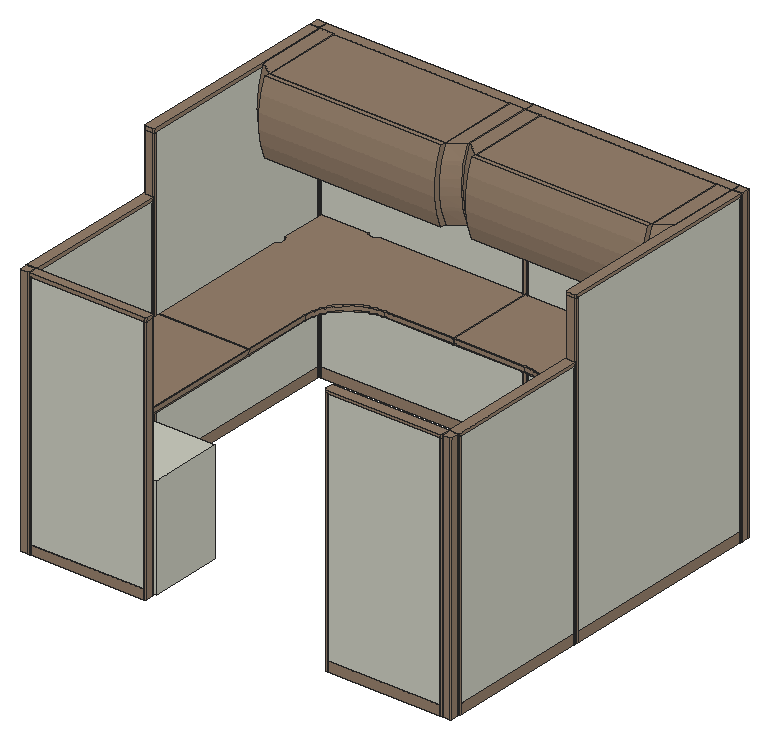
Revit family
Parameters (values of type "Cubicle")
  Worksurface Material = Wood Cherry
  Subcategory = "Office Furniture"
  SmartBIM Object Version = 3  # constant formula
  SmartBIM Object Created By = "SMARTBIM, LLC"  # "Reed Construction Data"
  Shelf Material = Wood Cherry
  Shelf Height = 4' - 0 15/16"
  Panel Material = Shelve Fabric
  Manufacturer = "SMARTBIM"
  Frame Material = Wood Cherry
  Default Elevation = 0' - 0"  # constant formula
  Assembly Code = "E2010200"
  95 CSI = "12730"
  04 CSI = "12 59 19 "
Reference planes (in)
  plane 1: z = 0
  plane 2: x = 44.15625
  plane 3: x = -44.15625
  plane 4: y = -74.15625
  plane 5 "High Panel Height": z = 63.9375
  plane 6: z = 51.625
  plane 7: y = 2
  plane 8: x = -44.15625
Forms (in)
  Extrusion 1, solid, material "Wood Cherry" <- "Frame Material"
    sketch origin (0, 0, 63.9375) x (-1, 0, 0) y (0, -1, 0)
      loop
        arc (43.90625, -2) -> (44.08303, -1.92678) -> (44.15625, -1.75) r 0.25
        line (44.15625, -1.75) -> (44.15625, -0.40625)
        arc (44.15625, -0.40625) -> (44.08303, -0.22947) -> (43.90625, -0.15625) r 0.25
        line (43.90625, -0.15625) -> (42.5625, -0.15625)
        arc (42.5625, -0.15625) -> (42.38572, -0.22947) -> (42.3125, -0.40625) r 0.25
        line (42.3125, -0.40625) -> (42.3125, -1.75)
        arc (42.3125, -1.75) -> (42.38572, -1.92678) -> (42.5625, -2) r 0.25
        line (42.5625, -2) -> (43.90625, -2)
    from -63.9375 to 0
  Extrusion 2, solid, material "Wood Cherry" <- "Frame Material"
    sketch origin (0, 0, 63.9375) x (1, 0, 0) y (0, 1, 0)
      loop
        line (43.90625, 2) -> (42.5625, 2)
        arc (42.5625, 2) -> (42.38572, 1.92678) -> (42.3125, 1.75) r 0.25
        line (42.3125, 1.75) -> (42.3125, 0.40625)
        arc (42.3125, 0.40625) -> (42.38572, 0.22947) -> (42.5625, 0.15625) r 0.25
        line (42.5625, 0.15625) -> (43.90625, 0.15625)
        arc (43.90625, 0.15625) -> (44.08303, 0.22947) -> (44.15625, 0.40625) r 0.25
        line (44.15625, 0.40625) -> (44.15625, 1.75)
        arc (44.15625, 1.75) -> (44.08303, 1.92678) -> (43.90625, 2) r 0.25
    from -63.9375 to 0
  Extrusion 3, solid, material "Wood Cherry" <- "Frame Material"
    sketch origin (0, -83.21875, 63.9375) x (-1, 0, 0) y (0, -1, 0)
      loop
        line (43.90625, -9.0625) -> (42.5625, -9.0625)
        arc (42.5625, -9.0625) -> (42.38572, -9.13572) -> (42.3125, -9.3125) r 0.25
        line (42.3125, -9.3125) -> (42.3125, -10.65625)
        arc (42.3125, -10.65625) -> (42.38572, -10.83303) -> (42.5625, -10.90625) r 0.25
        line (42.5625, -10.90625) -> (43.90625, -10.90625)
        arc (43.90625, -10.90625) -> (44.08303, -10.83303) -> (44.15625, -10.65625) r 0.25
        line (44.15625, -10.65625) -> (44.15625, -9.3125)
        arc (44.15625, -9.3125) -> (44.08303, -9.13572) -> (43.90625, -9.0625) r 0.25
    from -63.9375 to -12.3125
  Extrusion 4, solid, material "Wood Cherry" <- "Frame Material"
    sketch origin (0, -83.21875, 63.9375) x (1, 0, 0) y (0, 1, 0)
      loop
        arc (43.90625, 9.0625) -> (44.08303, 9.13572) -> (44.15625, 9.3125) r 0.25
        line (44.15625, 9.3125) -> (44.15625, 10.65625)
        arc (44.15625, 10.65625) -> (44.08303, 10.83303) -> (43.90625, 10.90625) r 0.25
        line (43.90625, 10.90625) -> (42.5625, 10.90625)
        arc (42.5625, 10.90625) -> (42.38572, 10.83303) -> (42.3125, 10.65625) r 0.25
        line (42.3125, 10.65625) -> (42.3125, 9.3125)
        arc (42.3125, 9.3125) -> (42.38572, 9.13572) -> (42.5625, 9.0625) r 0.25
        line (42.5625, 9.0625) -> (43.90625, 9.0625)
    from -63.9375 to -12.3125
Dimensions and locks (in)
  aligned and locked: nested 1 to nested 4
  aligned and locked: nested 3 to nested 2  (x2)
  aligned and locked: nested 4 to nested 1  (x2)
  aligned and locked: plane 3 to nested 9
  aligned and locked: nested 9 to nested 7
  aligned and locked: plane 2 to nested 10
  aligned and locked: nested 10 to nested 8
  aligned and locked: nested 9 to nested 5
  aligned and locked: nested 5 to nested 9
  aligned and locked: plane 2 to nested 11
  aligned and locked: nested 11 to nested 10
  aligned and locked: nested 12 to nested 11
  aligned and locked: nested 12 to plane 4
  aligned and locked: plane 4 to nested 6
  aligned and locked: nested 6 to nested 5
  aligned and locked: plane 5 "High Panel Height" to nested 8
  aligned and locked: Extrusion 1 sketch curve to nested 9
  aligned and locked: nested 7 to Extrusion 1 sketch curve
  aligned and locked: plane 3 to Extrusion 1 sketch curve
  aligned and locked: Extrusion 1 sketch curve to nested 7
  aligned and locked: Extrusion 1 to level
  aligned and locked: plane 5 "High Panel Height" to Extrusion 1
  aligned and locked: nested 5 to Extrusion 3
  aligned and locked: Extrusion 3 to plane 4
  aligned and locked: Extrusion 4 to nested 11
  aligned and locked: Extrusion 4 to plane 4
  aligned and locked: plane 6 to nested 12
  aligned and locked: plane 6 to Extrusion 4
  aligned and locked: plane 6 to Extrusion 3
  aligned and locked: nested 7 to nested 14
  aligned and locked: nested 9 to nested 14
  aligned and locked: nested 15 to nested 8
  aligned and locked: nested 15 to nested 10
  aligned: plane 8 to nested 9
Nested families (in)
  nested 1: "Worksurface-Corner-Curved_Front" at (23.23438, -18.375, 0) x (-1, 0, 0) z (0, 0, 1), type "42"W x 18"D"
  nested 2: "Worksurface-Corner-Curved_Front" at (-23.23437, -18.375, 0) x (0, -1, 0) z (0, 0, 1), type "42"W x 18"D"
  nested 3: "Worksurface-Straight" at (-41.60937, -56.67188, 0) x (0, 1, 0) z (0, 0, 1), type "30"W x 18"D"
  nested 4: "Worksurface-Straight" at (41.60938, -56.67187, 0) x (0, -1, 0) z (0, 0, 1), type "30"W x 18"D"
  nested 5: "Cubicle-Panel_Avenir" at (-46.15625, -52.44531, 0) x (0, 1, 0) z (0, 0, 1), type "Low Topcap - 30"W x 53"H"
    with Width 2' - 6"
  nested 6: "Cubicle-Panel_Avenir" at (-28.44531, -70.15625, 0), type "Low Topcap - 24"W x 53"H"
    with Width 2' - 0"
  nested 7: "Cubicle-Panel_Avenir" at (-10.13281, 4, 0), type "Low Topcap - 42"W x 65"H"
  nested 8: "Cubicle-Panel_Avenir" at (10.13281, 4, 0) x (-1, 0, 0) z (0, 0, 1), type "Low Topcap - 42"W x 65"H"
  nested 9: "Cubicle-Panel_Avenir" at (-46.15625, -9.97656, 0) x (0, 1, 0) z (0, 0, 1), type "Low Topcap - 42"W x 65"H"
    with Width 3' - 6 15/32"
  nested 10: "Cubicle-Panel_Avenir" at (46.15625, -9.97656, 0) x (0, 1, 0) z (0, 0, 1), type "Low Topcap - 42"W x 65"H"
    with Width 3' - 6 15/32"
  nested 11: "Cubicle-Panel_Avenir" at (46.15625, -52.44531, 0) x (0, 1, 0) z (0, 0, 1), type "Low Topcap - 30"W x 53"H"
    with Width 2' - 6"
  nested 12: "Cubicle-Panel_Avenir" at (28.44531, -70.15625, 0) x (-1, 0, 0) z (0, 0, 1), type "Low Topcap - 24"W x 53"H"
    with Width 2' - 0"
  nested 13: "Pedastal_Mobile" at (-29.35937, -64.73438, 0) x (0, 1, 0) z (0, 0, 1), type "Pedastal_Mobile"
  nested 14: "Bin-Storage_Curved-Front" at (-22.65625, -7.25, 48.9375), built-in parameter 1001364 <- "Shelf Height", type "42"W"
  nested 15: "Bin-Storage_Curved-Front" at (19.65625, -7.25, 48.9375), built-in parameter 1001364 <- "Shelf Height", type "42"W"
Definition of nested family "Worksurface-Corner-Curved_Front"
  Parameters (values of type "42"W x 18"D")
    Worksurface Material = Wood Cherry
    Worksurface Edge Material = Wood Cherry
    Width = 3' - 5 39/64"
    Model = "MUCC1122"
    Height = 2' - 6"
    Depth = 1' - 6 3/8"
    Assembly Code = ""
  Reference planes (in)
    plane 1 "Center F/B": y = 0
    plane 2: z = 0
    plane 3 "Center L/R": x = 0
    plane 4: y = -18.375
    plane 5: x = -18.375
    plane 6: y = 23.23438
    plane 7: x = 23.23438
    plane 8: z = 30
    plane 9: z = 28.8125
    plane 10: y = -9.375
    plane 11: y = -6.375
    plane 12: x = -17.375
    plane 13: y = -17.375
    plane 14: x = -9.375
    plane 15: x = -6.375
    plane 16: y = -0.125
    plane 17: x = -0.125
    plane 18: y = -7.625
    plane 19: x = -7.625
  Forms (in)
    Extrusion 1, solid, material "Wood Cherry" <- "Worksurface Edge Material"
      sketch origin (-34.79996, -180, 30) x (-1, 0, 0) y (0, -1, 0)
        loop
          line (-34.67496, -203.23438) -> (-16.42496, -203.23438) -> (-16.42496, -173.625)
          arc (-16.42496, -173.625) -> (-17.1975, -172.375) -> (-16.42496, -171.125) r 1.39754
          line (-16.42496, -171.125) -> (-16.42496, -161.625) -> (-25.92496, -161.625)
          arc (-25.92496, -161.625) -> (-27.17496, -162.39754) -> (-28.42496, -161.625) r 1.39754
          line (-28.42496, -161.625) -> (-58.03434, -161.625) -> (-58.03434, -179.875) -> (-43.67496, -179.875)
          arc (-43.67496, -179.875) -> (-37.311, -182.51104) -> (-34.67496, -188.875) r 9
          line (-34.67496, -188.875) -> (-34.67496, -203.23438)
      from 0 to -1.1875
    Sweep 2, solid, material "Wood Cherry" <- "Worksurface Edge Material"
      path origin (-34.79996, -180, 30) x (-1, 0, 0) y (0, -1, 0)
        loop
          line (-58.03434, -179.875) -> (-43.67496, -179.875)
          arc (-43.67496, -179.875) -> (-37.311, -182.51104) -> (-34.67496, -188.875) r 9
          line (-34.67496, -188.875) -> (-34.67496, -203.23438)
      profile origin (-0.125, 16.05469, 30) x (-1, 0, 0) y (0, 0, 1)
        loop
          arc (0, 0) -> (-0.08839, -0.03661) -> (-0.125, -0.125) r 0.125
          line (-0.125, -0.125) -> (-0.125, -1.0625)
          arc (-0.125, -1.0625) -> (-0.08839, -1.15089) -> (0, -1.1875) r 0.125
          line (0, -1.1875) -> (0, 0)
  Dimensions and locks (in)
    "Depth": plane 4 to plane 1 "Center F/B"
    "Depth": plane 5 to plane 3 "Center L/R"
    "Width": plane 5 to plane 7
    "Width": plane 6 to plane 4
    "Height": plane 8 to level
    locked: plane 8 to plane 9 at 1.1875
    locked: plane 5 to plane 12 at 1
    locked: plane 13 to plane 4 at 1
    locked: plane 10 to plane 11 at 3
    locked: plane 14 to plane 15 at 3
    locked: plane 5 to plane 14 at 9
    locked: plane 4 to plane 10 at 9
    aligned and locked: plane 6 to Extrusion 1 sketch curve
    aligned and locked: Extrusion 1 sketch curve to plane 5
    aligned and locked: Extrusion 1 sketch curve to plane 4
    aligned and locked: Extrusion 1 sketch curve to plane 7
    aligned and locked: Extrusion 1 sketch curve to plane 17
    aligned and locked: Extrusion 1 to plane 9
    aligned and locked: plane 8 to Extrusion 1
    aligned and locked: Sweep 2 sketch curve to Extrusion 1  (x3)
    aligned and locked: Sweep 2 sketch curve to plane 3 "Center L/R"
  Automatic sketch dimensions
    Extrusion 1 sketch curve to plane 16 = 0' - 0"
    Extrusion 1 sketch curve to plane 15 = 0' - 0"
    Extrusion 1 sketch curve to plane 19 = 0' - 0"
    Extrusion 1 sketch curve to plane 18 = 0' - 0"
    Extrusion 1 sketch curve to plane 11 = 0' - 0"
    plane 3 "Center L/R" to Extrusion 1 sketch curve = 0' - 8 7/8"
    Extrusion 1 sketch curve to plane 5 = 0' - 0 5/8"
    Extrusion 1 sketch curve to plane 4 = 0' - 0 5/8"
    Extrusion 1 sketch curve to plane 5 = 0' - 0"
    Extrusion 1 sketch curve to plane 4 = 0' - 0"
    Sweep 2 sketch curve to plane 6 = 0' - 0"
    Sweep 2 sketch curve to plane 7 = 0' - 0"
    Sweep 2 sketch curve to Sweep 2 sketch curve = 0' - 0 15/16"
Definition of nested family "Worksurface-Straight"
  Parameters (values of type "30"W x 18"D")
    Worksurface Material = none
    Worksurface Edge Material = none
    Width = 2' - 6 1/8"
    Model = "MUS1830"
    Height = 2' - 6"
    Depth = 1' - 6 3/8"
    Assembly Code = ""
  Reference planes (in)
    plane 1 "Center F/B": y = 0
    plane 2: z = 0
    plane 3 "Center L/R": x = 0
    plane 4: x = -15.0625
    plane 5: y = -18.25
    plane 6: x = 15.0625
    plane 7: z = 28.8125
    plane 8: z = 30
    plane 9: x = -1.5
    plane 10: x = 1.5
    plane 11: y = -1
    plane 12: y = -18.375
  Forms (in)
    Extrusion 1, solid, material <- "Worksurface Material"
      sketch origin (-28.17969, -180, 30) x (-1, 0, 0) y (0, -1, 0)
        loop
          line (-13.11719, -180) -> (-13.11719, -161.75) -> (-43.24219, -161.75) -> (-43.24219, -180) -> (-29.67969, -180)
          arc (-29.67969, -180) -> (-28.17969, -179) -> (-26.67969, -180) r 1.625
          line (-26.67969, -180) -> (-13.11719, -180)
      from 0 to -1.1875
    Sweep 2, solid, material <- "Worksurface Edge Material"
      path origin (-28.17969, -180, 30) x (-1, 0, 0) y (0, -1, 0)
        loop
          line (-13.11719, -161.75) -> (-43.24219, -161.75)
      profile origin (0, -18.25, 30) x (0, 1, 0) y (0, 0, 1)
        loop
          arc (0, 0) -> (-0.08839, -0.03661) -> (-0.125, -0.125) r 0.125
          line (-0.125, -0.125) -> (-0.125, -1.0625)
          arc (-0.125, -1.0625) -> (-0.08839, -1.15089) -> (0, -1.1875) r 0.125
          line (0, -1.1875) -> (0, 0)
  Dimensions and locks (in)
    equal spacing: plane 4, plane 3 "Center L/R", plane 6
    "Width": plane 4 to plane 6
    "Height": plane 8 to level
    locked: plane 8 to plane 7 at 1.1875
    plane 9 to plane 3 "Center L/R" to plane 10 = 0' - 1 1/2" locked, 0' - 1 1/2" locked
    locked: plane 11 to plane 1 "Center F/B" at 1
    "Depth": plane 12 to plane 1 "Center F/B"
    locked: plane 5 to plane 12 at 0.125
    aligned and locked: plane 4 to Extrusion 1 sketch curve
    aligned and locked: plane 1 "Center F/B" to Extrusion 1 sketch curve
    aligned and locked: plane 5 to Extrusion 1 sketch curve
    aligned and locked: plane 6 to Extrusion 1 sketch curve
    aligned and locked: Extrusion 1 to plane 7
    aligned and locked: plane 8 to Extrusion 1
    aligned and locked: Sweep 2 sketch curve to Extrusion 1  (x2)
    aligned and locked: Extrusion 1 to Sweep 2 sketch curve
    aligned and locked: Sweep 2 sketch curve to plane 12
  Automatic sketch dimensions
    Extrusion 1 sketch curve to plane 10 = 0' - 0"
    Extrusion 1 sketch curve to plane 1 "Center F/B" = 0' - 0 5/8"
    Extrusion 1 sketch curve to plane 9 = 0' - 0"
    Extrusion 1 sketch curve to plane 1 "Center F/B" = 0' - 0"
    Sweep 2 sketch curve to plane 6 = 0' - 0"
    Sweep 2 sketch curve to plane 4 = 0' - 0"
    Sweep 2 sketch curve to Sweep 2 sketch curve = 0' - 0 15/16"
Definition of nested family "Cubicle-Panel_Avenir"
  Parameters (values of type "Low Topcap - 42"W x 65"H")
    Width [instance] = 3' - 6 5/16"
    Topcap Height = 0' - 0 5/8"
    Topcap = Topcap : Low
    Panel Material = Shelve Fabric
    Model = "MPTAL6542"
    Height = 5' - 3 15/16"
    Frame Material = Wood Cherry
    Depth = 0' - 2"
    Assembly Code = ""
  Types (3): name | Width | Model | Height
    Low Topcap - 24"W x 53"H | 2' - 0 5/16" | "MPTAL5324" | 4' - 3 5/8"
    Low Topcap - 30"W x 53"H | 2' - 6 5/16" | "MPTAL5330" | 4' - 3 5/8"
    Low Topcap - 42"W x 65"H | 3' - 6 5/16" | "MPTAL6542" | 5' - 3 15/16"
  Reference planes (in)
    plane 1 "Center F/B": y = -3
    plane 2: z = 0
    plane 3 "Center L/R": x = -11.02344
    plane 4: y = -2
    plane 5 "Front Edge": y = -4
    plane 6 "Left": x = -32.17969
    plane 7 "Right": x = 10.13281
    plane 8: z = 63.9375
    plane 9: z = 63.3125
    plane 10 "Top Alignment Plane": y = -2.15625
    plane 11 "Bottom Alignment Plane": y = -3.84375
  Forms (in)
    Extrusion 1, solid, material "Wood Cherry" <- "Frame Material"
      sketch origin (0, 0, 50.625) x (-1, 0, 0) y (0, -1, 0)
        loop
          arc (31.92969, 2) -> (32.10646, 2.07322) -> (32.17969, 2.25) r 0.25
          line (32.17969, 2.25) -> (32.17969, 3.75)
          arc (32.17969, 3.75) -> (32.10646, 3.92678) -> (31.92969, 4) r 0.25
          line (31.92969, 4) -> (31.67969, 4) -> (31.67969, 2) -> (31.92969, 2)
      from -50.625 to 12.6875 <- "Height"
    Extrusion 2, solid, material "Wood Cherry" <- "Frame Material"
      sketch origin (2, 0, 50.625) x (1, 0, 0) y (0, 1, 0)
        loop
          line (7.88281, -2) -> (7.63281, -2) -> (7.63281, -4) -> (7.88281, -4)
          arc (7.88281, -4) -> (8.05959, -3.92678) -> (8.13281, -3.75) r 0.25
          line (8.13281, -3.75) -> (8.13281, -2.25)
          arc (8.13281, -2.25) -> (8.05959, -2.07322) -> (7.88281, -2) r 0.25
      from -50.625 to 12.6875 <- "Height"
    Extrusion 3, solid, material "Wood Cherry" <- "Frame Material"
      sketch origin (0, -3, 0) x (1, 0, 0) y (0, 0, 1)
        loop
          line (-31.67969, 2) -> (-31.67969, 0) -> (9.63281, 0) -> (9.63281, 2) -> (-31.67969, 2)
      from -1 to 1
    Extrusion 4, solid, material "Shelve Fabric" <- "Panel Material"
      sketch origin (0, -4, 0) x (-1, 0, 0) y (0, 0, 1)
        loop
          line (31.67969, 2) -> (31.67969, 63.3125) -> (-9.63281, 63.3125) -> (-9.63281, 2) -> (31.67969, 2)
      from 0 to 2
  Dimensions and locks (in)
    equal spacing: plane 6 "Left", plane 3 "Center L/R", plane 7 "Right"
    "Width": plane 6 "Left" to plane 7 "Right"
    equal spacing: plane 4, plane 1 "Center F/B", plane 5 "Front Edge"
    "Depth": plane 4 to plane 5 "Front Edge"
    "Height": plane 8 to level
    "Topcap Height": plane 8 to plane 9
    aligned and locked: plane 5 "Front Edge" to Extrusion 1 sketch curve
    aligned and locked: Extrusion 1 sketch curve to plane 4
    aligned and locked: plane 6 "Left" to Extrusion 1 sketch curve
    aligned and locked: plane 4 to Extrusion 2
    aligned and locked: Extrusion 2 to plane 7 "Right"
    aligned and locked: Extrusion 2 to plane 5 "Front Edge"
    aligned and locked: Extrusion 1 to level
    aligned and locked: Extrusion 2 to level
    aligned and locked: Extrusion 2 to Extrusion 3 sketch curve
    aligned and locked: Extrusion 1 to Extrusion 3 sketch curve
    aligned and locked: level to Extrusion 3 sketch curve
    aligned and locked: plane 4 to Extrusion 3
    aligned and locked: Extrusion 3 to plane 5 "Front Edge"
    aligned and locked: Extrusion 1 to Extrusion 4 sketch curve
    aligned and locked: Extrusion 2 to Extrusion 4 sketch curve
    aligned and locked: Extrusion 4 sketch curve to Extrusion 3
    aligned and locked: nested 1 to plane 8
    aligned and locked: plane 9 to Extrusion 1
    aligned and locked: plane 9 to Extrusion 2
    aligned and locked: plane 9 to Extrusion 4
    aligned and locked: nested 1 to plane 3 "Center L/R"
  Automatic sketch dimensions
    Extrusion 3 sketch curve to Extrusion 3 sketch curve = 0' - 2"
    plane 8 to Extrusion 4 sketch curve = 0' - 0 5/8"
    plane 6 "Left" to Extrusion 1 sketch curve = 0' - 0 1/4"  (x2)
    Extrusion 1 sketch curve to Extrusion 1 sketch curve = 0' - 0 1/4"
    Extrusion 2 sketch curve to plane 4 = 0' - 0"
    Extrusion 2 sketch curve to plane 5 "Front Edge" = 0' - 0"
    Extrusion 2 sketch curve to plane 7 "Right" = 0' - 0"
    Extrusion 2 sketch curve to plane 7 "Right" = 0' - 0 1/4"  (x2)
    Extrusion 2 sketch curve to Extrusion 2 sketch curve = 0' - 0 1/4"
  Nested families (in)
    nested 1: "Topcap" at (-31.67969, -3, 63.3125) x (-1, 0, 0) z (0, 0, 1), Width <- "Width", type <- "Topcap", type "Low"
      with Width 3' - 6 5/16"
  Definition of nested family "Topcap"
    Parameters (values of type "Medium")
      Width [instance] = 4' - 1"
      Topcap Material = none
      Side Void Height = 0' - 1 1/8"
      Height = 0' - 1 3/8"
      Front/Back Void Height = 0' - 0 3/4"
      Depth = 0' - 2"
      Assembly Code = ""
    Types (3): name | Topcap Material | Height
      Low | Wood Cherry | 0' - 0 5/8"
      High | none | 0' - 2 3/8"
      Medium | none | 0' - 1 3/8"
    Reference planes (in)
      plane 1 "Center F/B": y = 0
      plane 2: z = 0
      plane 3 "Right": x = 0.5
      plane 4: y = 1
      plane 5: y = -1
      plane 6 "Left": x = -48.5
      plane 7 "Top of Cap": z = 1.375
      plane 8: y = 0.58937
      plane 9: y = -0.65498
      plane 10 "Top of Void": z = 1.125
      plane 11 "Elevation Centerline L/R": y = -0.0328
      plane 12: x = -48
      plane 13 "Front/Back Void Height": z = 0.75
      plane 14: x = -47.25
      plane 15: x = 0
      plane 16: x = -0.75
      plane 17 "L/R Centerline": x = -24
      plane 18 "Bottom Alignment Plane": y = -0.84375
      plane 19 "Top Alignment Plane": y = 0.84375
    Forms (in)
      Extrusion 1, solid, material <- "Topcap Material"
        sketch origin (0, 0, 0) x (1, 0, 0) y (0, 1, 0)
          loop
            line (-48.5, 0.75) -> (-48.5, -0.75)
            arc (-48.5, -0.75) -> (-48.42678, -0.92678) -> (-48.25, -1) r 0.25
            line (-48.25, -1) -> (0.25, -1)
            arc (0.25, -1) -> (0.42678, -0.92678) -> (0.5, -0.75) r 0.25
            line (0.5, -0.75) -> (0.5, 0.75)
            arc (0.5, 0.75) -> (0.42678, 0.92678) -> (0.25, 1) r 0.25
            line (0.25, 1) -> (-48.25, 1)
            arc (-48.25, 1) -> (-48.42678, 0.92678) -> (-48.5, 0.75) r 0.25
        from 0 to 1.375
    Dimensions and locks (in)
      "Depth": plane 4 to plane 5
      equal spacing: plane 4, plane 1 "Center F/B", plane 5
      "Width": plane 6 "Left" to plane 3 "Right"
      "Height": plane 7 "Top of Cap" to level
      plane 8 to plane 9 = 0' - 1.24434"
      equal spacing: plane 8, plane 11 "Elevation Centerline L/R", plane 9
      "Side Void Height": plane 10 "Top of Void" to level
      locked: plane 12 to plane 6 "Left" at 0.5
      "Front/Back Void Height": plane 13 "Front/Back Void Height" to level
      locked: plane 14 to plane 12 at 0.75
      locked: plane 3 "Right" to plane 15 at 0.5
      locked: plane 15 to plane 16 at 0.75
      equal spacing: plane 6 "Left", plane 17 "L/R Centerline", plane 3 "Right"
      aligned and locked: Extrusion 1 sketch curve to plane 6 "Left"
      aligned and locked: Extrusion 1 sketch curve to plane 4
      aligned and locked: Extrusion 1 sketch curve to plane 5
      aligned and locked: Extrusion 1 sketch curve to plane 3 "Right"
      aligned and locked: Extrusion 1 to level
      aligned and locked: plane 7 "Top of Cap" to Extrusion 1
    Automatic sketch dimensions
      plane 15 to Extrusion 1 sketch curve = 0' - 0 1/4"
      plane 6 "Left" to Extrusion 1 sketch curve = 0' - 0 1/4"  (x2)
      Extrusion 1 sketch curve to plane 3 "Right" = 0' - 0 1/4"
Definition of nested family "Pedastal_Mobile"
  Parameters (values of type "Pedastal_Mobile")
    Width = 1' - 3"
    Wheel Side Offset = 0' - 2"
    Wheel F/B Offset = 0' - 1"
    Model = "MUP2224BFS"
    Material = none
    Height = 1' - 9"
    Depth = 1' - 11 1/2"
    Assembly Code = ""
  Reference planes (in)
    plane 1 "Center F/B": y = 0.5
    plane 2: z = 0
    plane 3 "Center L/R": x = 0.5
    plane 4: x = -7
    plane 5: x = 8
    plane 6: y = 12.25
    plane 7 "Front Edge": y = -11.25
    plane 8: z = 21
    plane 9: x = -5
    plane 10: x = 6
    plane 11: y = 11.25
    plane 12: y = -10.25
  Forms (in)
    Extrusion 1, solid, material <- "Material"
      sketch origin (0, 0, 0) x (1, 0, 0) y (0, 1, 0)
        loop
          line (-7, 12.25) -> (-7, -11.25) -> (8, -11.25) -> (8, 12.25) -> (-7, 12.25)
      from 0 to 21
  Lines and regions (in)
    model lines
      curve 1: line (2.49507, -11.25, 16.60844) -> (-1.50493, -11.25, 16.60844)
      curve 2: line (-1.50493, -11.25, 17.60844) -> (2.49507, -11.25, 17.60844)
      curve 3: line (-1.50493, -11.25, 17.60844) -> (-1.50493, -11.25, 16.60844)
      curve 4: line (2.49507, -11.25, 17.60844) -> (2.49507, -11.25, 16.60844)
      curve 5: line (2.49507, -11.25, 8.60844) -> (-1.50493, -11.25, 8.60844)
      curve 6: line (-1.50493, -11.25, 9.60844) -> (2.49507, -11.25, 9.60844)
      curve 7: line (-1.50493, -11.25, 9.60844) -> (-1.50493, -11.25, 8.60844)
      curve 8: line (2.49507, -11.25, 9.60844) -> (2.49507, -11.25, 8.60844)
      curve 9: line (-7, -11.25, 13) -> (8, -11.25, 13)
      curve 10: circle (-3.01509, -11.25, 17.10469) r 0.5 normal (0, -1, 0)
      curve 11: line (-3.06778, -11.25, 17.30299) -> (-2.9694, -11.25, 17.30299)
      curve 12: line (-2.9694, -11.25, 16.90293) -> (-3.06778, -11.25, 16.90293)
      curve 13: line (-2.9694, -11.25, 17.30299) -> (-2.9694, -11.25, 16.90293)
      curve 14: line (-3.06778, -11.25, 16.90293) -> (-3.06778, -11.25, 17.30299)
  Dimensions and locks (in)
    "Width": plane 4 to plane 5
    equal spacing: plane 4, plane 3 "Center L/R", plane 5
    "Depth": plane 6 to plane 7 "Front Edge"
    equal spacing: plane 6, plane 1 "Center F/B", plane 7 "Front Edge"
    "Height": plane 8 to level
    "Wheel F/B Offset": plane 12 to plane 7 "Front Edge"
    "Wheel Side Offset": plane 10 to plane 5
    "Wheel Side Offset": plane 4 to plane 9
    "Wheel F/B Offset": plane 6 to plane 11
    aligned and locked: Extrusion 1 sketch curve to plane 4
    aligned and locked: Extrusion 1 sketch curve to plane 6
    aligned and locked: Extrusion 1 sketch curve to plane 5
    aligned and locked: Extrusion 1 sketch curve to plane 7 "Front Edge"
    aligned and locked: plane 8 to Extrusion 1
    aligned and locked: Extrusion 1 to level
    aligned and locked: plane 9 to nested 1
    aligned and locked: plane 11 to nested 2
    aligned and locked: plane 10 to nested 2
    aligned and locked: nested 3 to plane 9
    aligned and locked: nested 3 to plane 12
    aligned and locked: plane 12 to nested 4
    aligned and locked: nested 4 to plane 10
  Automatic sketch dimensions
    curve 9 to plane 5 = 0' - 0"
    curve 9 to plane 4 = 0' - 0"
    curve 9 to plane 8 = 0' - 8"
    plane 3 "Center L/R" to curve 1 = 0' - 1.99507"
    curve 3 to plane 3 "Center L/R" = 0' - 2.00493"
    curve 2 to curve 11 = 0' - 1.46447"
    curve 11 to curve 10 = 0' - 0.04569"
    curve 11 to curve 11 = 0' - 0.09838"
    curve 4 to plane 8 = 0' - 4.39156"
    curve 1 to curve 10 = 0' - 0.49625"
    curve 10 to curve 11 = 0' - 0.1983"
    curve 1 to curve 2 = 0' - 1"
    plane 3 "Center L/R" to curve 6 = 0' - 1.99507"
    curve 6 to plane 3 "Center L/R" = 0' - 2.00493"
    curve 6 to curve 9 = 0' - 3.39156"
    curve 14 to curve 10 = 0' - 0.20176"
    curve 7 to curve 6 = 0' - 1"
    radius of curve 10 = 0' - 0 1/2"
  Nested families (in)
    nested 1: "Wheel" at (-5, 11.25, 0), type "Wheel"
    nested 2: "Wheel" at (6, 11.25, 0) x (-1, 0, 0) z (0, 0, 1), type "Wheel"
    nested 3: "Wheel" at (-5, -10.25, 0), type "Wheel"
    nested 4: "Wheel" at (6, -10.25, 0) x (-1, 0, 0) z (0, 0, 1), type "Wheel"
  Definition of nested family "Wheel"
    Parameters
      Wheel Radius = 0' - 1"
    Reference planes (in)
      plane 1 "Center F/B": y = 0
      plane 2: z = 0
      plane 3 "Center L/R": x = 0
    Forms (in)
      Extrusion 1, solid
        sketch origin (0, 3.5, 0) x (0, 1, 0) y (0, 0, 1)
          loop
            line (-3.5, 0) -> (-5.5, 0)
            arc (-5.5, 0) -> (-4.5, -1) -> (-3.5, 0) r 1
        from 0 to 1
    Dimensions and locks (in)
      "Wheel Radius": radius of Extrusion 1 sketch curve
      aligned and locked: level to Extrusion 1 sketch curve
    Automatic sketch dimensions
      Extrusion 1 sketch curve to plane 1 "Center F/B" = 0' - 0"
Definition of nested family "Bin-Storage_Curved-Front"
  Parameters (values of type "42"W")
    Width = 3' - 6"
    Side Offset = 0' - 3"
    Shelf Material = Wood Cherry
    Shelf Door Material = Wood Cherry
    Model = "KBIN42LAVR"
    Height = 1' - 3"
    Depth = 1' - 4 1/2"
    Assembly Code = ""
  Reference planes (in)
    plane 1 "Center F/B": y = -1
    plane 2: z = 0
    plane 3 "Center L/R": x = 1.5
    plane 4 "Left": x = -19.5
    plane 5 "Right": x = 22.5
    plane 6: y = 7.25
    plane 7: y = -9.25
    plane 8 "Top Edge": z = 15
    plane 9 "Left Interior Edge": x = -16.5
    plane 10 "Right Interior Edge": x = 19.5
    plane 11 "Left Side Offset": x = -17
    plane 12 "Right Side Offset": x = 20
  Forms (in)
    Extrusion 1, solid, material "Wood Cherry" <- "Shelf Material"
      sketch origin (0, 0, 15) x (-1, 0, 0) y (0, -1, 0)
        loop
          line (16.5, -7.25) -> (16.5, 9.25) -> (-19.5, 9.25) -> (-19.5, -7.25) -> (16.5, -7.25)
      from -15 to 0
    Blend 2, solid, material "Wood Cherry" <- "Shelf Material"
      base sketch origin (-16.5, 0, 0) x (0, 1, 0) y (0, 0, 1)
        loop
          line (7.25, 0) -> (7.25, 15) -> (-9.25, 15)
          arc (-9.25, 15) -> (-11.01478, 7.5) -> (-9.25, 0) r 16.81918
          line (-9.25, 0) -> (7.25, 0)
      top sketch origin (-16.5, 0, 0) x (0, 1, 0) y (0, 0, 1)
        loop
          line (7.25, 15) -> (-7.25, 15)
          arc (-7.25, 15) -> (-8.83297, 7.5) -> (-7.25, 0) r 18.55873
          line (-7.25, 0) -> (7.25, 0) -> (7.25, 15)
      from 0 to -3
    Blend 3, solid, material "Wood Cherry" <- "Shelf Material"
      base sketch origin (22.5, 0, 0) x (0, 1, 0) y (0, 0, -1)
        loop
          line (7.25, 0) -> (-9.25, 0)
          arc (-9.25, 0) -> (-11.01478, -7.5) -> (-9.25, -15) r 16.81918
          line (-9.25, -15) -> (7.25, -15) -> (7.25, 0)
      top sketch origin (22.5, 0, 0) x (0, 1, 0) y (0, 0, -1)
        loop
          line (7.25, -15) -> (7.25, 0) -> (-7.25, 0)
          arc (-7.25, 0) -> (-8.83297, -7.5) -> (-7.25, -15) r 18.55873
          line (-7.25, -15) -> (7.25, -15)
      from 3 to 0
    Extrusion 4, solid, material "Wood Cherry" <- "Shelf Door Material"
      sketch origin (-16.5, 0, 0) x (0, 1, 0) y (0, 0, 1)
        loop
          line (-9.25, 15) -> (-10.35955, 15)
          arc (-10.35955, 15) -> (-12.01478, 7.5) -> (-10.35955, 0) r 17.81918
          line (-10.35955, 0) -> (-9.25, 0)
          arc (-9.25, 0) -> (-11.01478, 7.5) -> (-9.25, 15) r 16.81918
      from 0 to 36
  Dimensions and locks (in)
    equal spacing: plane 6, plane 1 "Center F/B", plane 7
    "Depth": plane 6 to plane 7
    equal spacing: plane 4 "Left", plane 3 "Center L/R", plane 5 "Right"
    "Width": plane 4 "Left" to plane 5 "Right"
    "Height": plane 8 "Top Edge" to level
    "Side Offset": plane 10 "Right Interior Edge" to plane 5 "Right"
    "Side Offset": plane 4 "Left" to plane 9 "Left Interior Edge"
    locked: plane 11 "Left Side Offset" to plane 9 "Left Interior Edge" at 0.5
    locked: plane 10 "Right Interior Edge" to plane 12 "Right Side Offset" at 0.5
    aligned and locked: Extrusion 1 sketch curve to plane 9 "Left Interior Edge"
    aligned and locked: Extrusion 1 sketch curve to plane 10 "Right Interior Edge"
    aligned and locked: Extrusion 1 sketch curve to plane 6
    aligned and locked: Extrusion 1 sketch curve to plane 7
    aligned and locked: Extrusion 1 to level
    aligned and locked: plane 8 "Top Edge" to Extrusion 1
    aligned and locked: plane 8 "Top Edge" to Blend 2 sketch curve
    aligned and locked: level to Blend 2 sketch curve
    aligned and locked: plane 6 to Blend 2 sketch curve
    aligned and locked: plane 9 "Left Interior Edge" to Blend 2
    aligned and locked: Blend 2 to plane 4 "Left"
    aligned and locked: plane 5 "Right" to Blend 3
    aligned and locked: Blend 3 to plane 10 "Right Interior Edge"
    aligned and locked: Extrusion 4 sketch curve to Blend 2
    aligned and locked: plane 8 "Top Edge" to Extrusion 4 sketch curve
    aligned and locked: level to Extrusion 4 sketch curve
    aligned and locked: Extrusion 4 to plane 9 "Left Interior Edge"
    aligned and locked: plane 10 "Right Interior Edge" to Extrusion 4
  Automatic sketch dimensions
    Blend 2 sketch curve to plane 7 = 0' - 0"  (x2)
    Blend 2 sketch curve to level = 0' - 0"
    Blend 2 sketch curve to plane 6 = 0' - 0"
    Blend 2 sketch curve to plane 8 "Top Edge" = 0' - 0"
    Blend 2 sketch curve to plane 6 = 0' - 1.4456"
    plane 7 to Blend 2 sketch curve = 0' - 2"  (x2)
    plane 6 to Blend 2 sketch curve = 0' - 2.47576"
    Blend 3 sketch curve to plane 7 = 0' - 0"  (x2)
    Blend 3 sketch curve to level = 0' - 0"  (x2)
    Blend 3 sketch curve to plane 6 = 0' - 0"  (x2)
    Blend 3 sketch curve to plane 8 "Top Edge" = 0' - 0"  (x2)
    Blend 3 sketch curve to plane 6 = 0' - 1.4456"
    plane 7 to Blend 3 sketch curve = 0' - 2"  (x2)
    plane 6 to Blend 3 sketch curve = 0' - 2.47576"
    Extrusion 4 sketch curve to Extrusion 4 sketch curve = 0' - 0"  (x2)
    Extrusion 4 sketch curve to plane 7 = 0' - 1.10955"
